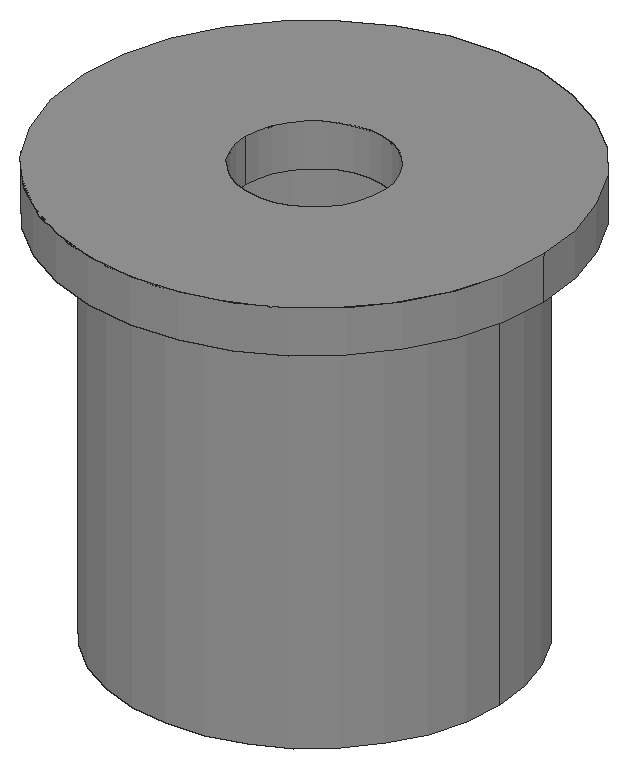
Revit family "A312", category Site, Revit 2025
Family settings
  Round Connector Dimension = Use Diameter
  Part Type = Normal
  Work Plane-Based = No
  Always vertical = Yes
  Cut with Voids When Loaded = No
  Shared = No
Parameters (values of type "Postech-Vistech A312")
  L top = 0' - 0 87/256"
  L sleeve = -0' - 3"
  Dia int top = 0' - 1.1"
  Dia int sleeve = 0' - 2 141/256"
  Dia ext top = 0' - 3 169/256"
  Dia ext sleeve = 0' - 2 243/256"
Reference planes (in)
  plane 1 "Center (Front/Back)": y = 0
  plane 2: z = 0
  plane 3 "Center (Left/Right)": x = 0
Forms (in)
  Extrusion 1, solid, material "Galvanized"
    sketch origin (0, 0, 0) x (1, 0, 0) y (0, 1, 0)
      loop
        circle (0, 0) r 1.47461
      loop
        circle (0, 0) r 1.27539
    from 0 to -3 <- "L sleeve"
  Extrusion 2, solid, material "Galvanized"
    sketch origin (0, 0, 0) x (1, 0, 0) y (0, 1, 0)
      loop
        circle (0, 0) r 1.83008
      loop
        circle (0, 0) r 0.55
    from 0 to 0.33984 <- "L top"
  Sweep 3, solid, material "Galvanized"
    path in 3D
      loop
        arc (1.47461, 0, 0) -> (0, -1.47461, 0) -> (-1.47461, 0, 0) r 1.47461
        arc (-1.47461, 0, 0) -> (0, 1.47461, 0) -> (1.47461, 0, 0) r 1.47461
    profile origin (0, 1.47461, 0) x (0, 1, 0) y (0, 0, 1)
      loop
        arc (0, -0.12009) -> (0.03517, -0.03517) -> (0.12009, 0) r 0.12009
        line (0.12009, 0) -> (0, 0) -> (0, -0.12009)
Lines and regions (in)
  sketch lines
    curve 1: arc (-1.47461, 0, 0) -> (0, 1.47461, 0) -> (1.47461, 0, 0) r 1.47461
    curve 2: arc (1.47461, 0, 0) -> (0, -1.47461, 0) -> (-1.47461, 0, 0) r 1.47461
Dimensions and locks (in)
  "Dia int sleeve": diameter of Extrusion 1 sketch curve
  "Dia ext sleeve": diameter of Extrusion 1 sketch curve
  "Dia int top": diameter of Extrusion 2 sketch curve
  "Dia ext top": diameter of Extrusion 2 sketch curve
Automatic sketch dimensions
  Extrusion 1 sketch curve to Extrusion 1 sketch curve = 0' - 0"  (x2)
  plane 1 "Center (Front/Back)" to Extrusion 1 sketch curve = 0' - 0"
  Extrusion 1 sketch curve to plane 3 "Center (Left/Right)" = 0' - 0"
  Extrusion 2 sketch curve to Extrusion 2 sketch curve = 0' - 0"  (x4)
  Sweep 3 sketch curve to profile plane = 0' - 0"  (x2)
  Sweep 3 sketch curve to profile plane = 0' - 0.12009"
